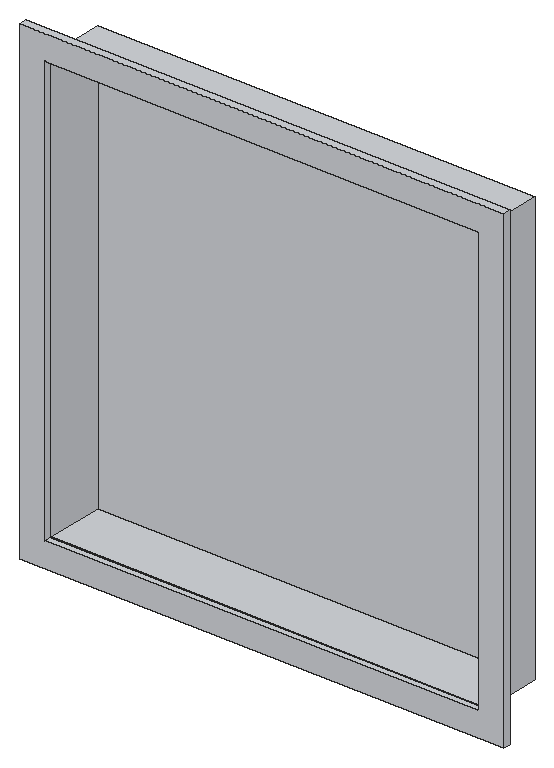
Revit family "Hager-FW-IP30-Without_Door-With_notch-leer-NoHosted-DE-de", category Electrical Equipment, Revit 2020
Family settings
  Panel Configuration = Two Columns, Circuits Across
  Round Connector Dimension = Use Diameter
  Part Type = Panelboard
  Work Plane-Based = Yes
  Always vertical = Yes
  Cut with Voids When Loaded = No
  Shared = No
  Room Calculation Point = No
Parameters (values of type "Unterputz IP30 B853 H853 T125 0 Teilungseinheiten - FWU53L")
  Width Control [instance] = if([HG000006 - Unterputz], if([EF000846 - Einbaubreite] > min_whd, [EF000846 - Einbaubreite], min_whd), if([EF000008 - Breite] > min_whd, ([EF000008 - Breite]), min_whd))  # 810 mm
  Void Depth [instance] = if([EF000218 - Einbautiefe] > 1 mm, [EF000218 - Einbautiefe], 1 mm)  # 112 mm
  Type Comments = [HG000003 - Bereich]  # "FW"
  System Height [instance] = Height Control - 2 * [HG000005 - Dicke]  # 796 mm
  Panel Name [instance] = ""  # (empty or 0)
  Offset [instance] = 0 mm
  Model = [HG000004 - Herstellerreferenz]  # "FWU53L"
  Level Offset [instance] = [Flush Mounted - Door Frame Width] + Offset  # 51 mm
  HG000017 - Distanz zwischen den Polen = 18 mm
  HG000016 - 3D-Türsichtbarkeit [instance] = yes
  HG000015 - Sichtbarkeit der Türöffnung [instance] = no
  HG000014 - Tür rechts [instance] = yes
  HG000013 - Tür links [instance] = not([HG000014 - Tür rechts])  # no
  HG000012 - Türschwenkwinkel [instance] = 45.00°
  HG000011 - Leere Reihen von unten = no
  HG000010 - Asymmetrische Türen = no
  HG000009 - Doppelflügeligen Tür = no
  HG000008 - Anzahl der leeren Reihen = 0
  HG000007 - Anzahl der leeren Spalten = 0
  HG000006 - Unterputz = yes
  HG000005 - Dicke = 3 mm  # constant formula
  HG000004 - Herstellerreferenz = "FWU53L"
  HG000003 - Bereich = "FW"
  HG000002 - Mit tür = no
  HG000001 - Anzahl der Spalten = 0
  EF015941 - Signaldurchlassende Tür = no
  EF015777 - Neutralleiterklemmenblock = no
  EF015776 - Erdungsklemmenblock = no
  EF009212 - Ausführung Deckel = "EV009916 - mit Ausschnitt"
  EF006306 - Mit Schloss = no
  EF006244 - Transparenter Deckel/Tür = yes
  EF005474 - Schutzart (IP) = "EV006410 - IP30"
  EF004462 - Art der Schließung = "EV000154 - sonstige"
  EF002950 - Breite in Teilungseinheiten = 0
  EF001596 - Werkstoff des Gehäuses = "EV000179 - Stahl"
  EF001134 - DIN-Schiene = yes
  EF001131 - Innentiefe = 112 mm
  EF001088 - Anbaumöglichkeit = yes
  EF001062 - EMV-Ausführung = no
  EF000846 - Einbaubreite = 810 mm
  EF000339 - Art der Abdeckung = "EV000494 - ohne"
  EF000332 - Einbauhöhe = 802 mm
  EF000266 - Anzahl der Reihen = 0
  EF000218 - Einbautiefe = 112 mm
  EF000118 - Mit Montageplatte = no
  EF000116 - RAL-Nummer = ""
  EF000049 - Tiefe = 125 mm
  EF000040 - Höhe = 853 mm
  EF000008 - Breite = 853 mm
  EF000007 - Farbe = "EV000202 - weiß"
  EF000003 - Montageart = "EV000128 - Hohlwand"
  Description = ""
  Default Elevation = 1219.2 mm
  Arrow Offset [instance] = Depth Control / 8  # 14 mm
  Arrow Height [instance] = Depth Control - Arrow Offset  # 98 mm
  Host Offset [instance] = if([HG000006 - Unterputz], 0 mm, [EF000049 - Tiefe])  # 0 mm
  min_whd [instance] = (2 * [HG000005 - Dicke]) + 1 mm  # 7 mm
  Manufacturer = "Hager"  # constant formula
  Height Control [instance] = if([HG000006 - Unterputz], if([EF000332 - Einbauhöhe] > min_whd, [EF000332 - Einbauhöhe], min_whd), if([EF000040 - Höhe] > min_whd, ([EF000040 - Höhe]), min_whd))  # 802 mm
  Flush Mounted - Door Frame Width [instance] = if(([EF000040 - Höhe] - [EF000332 - Einbauhöhe]) > 0 mm, if([HG000006 - Unterputz], [EF000040 - Höhe] - [EF000332 - Einbauhöhe], 0 mm), 0 mm)  # 51 mm
  Depth Control [instance] = if([HG000006 - Unterputz], if([EF000218 - Einbautiefe] > 0 mm, [EF000218 - Einbautiefe], 1 mm), if([EF000049 - Tiefe] > 0 mm, ([EF000049 - Tiefe]), 1 mm))  # 112 mm
Types (16, lengths in mm): name | Width Control | System Height | Model | HG000004 - Herstellerreferenz | EF000846 - Einbaubreite | EF000332 - Einbauhöhe | EF000040 - Höhe | EF000008 - Breite | Height Control
  Unterputz IP30 B353 H1003 T125 0 Teilungseinheiten - FWU61L | 310 | 946 | "FWU61L" | "FWU61L" | 310 | 952 | 1003 | 353 | 952
  Unterputz IP30 B353 H1153 T125 0 Teilungseinheiten - FWU71L | 310 | 1096 | "FWU71L" | "FWU71L" | 310 | 1102 | 1153 | 353 | 1102
  Unterputz IP30 B353 H1303 T125 0 Teilungseinheiten - FWU81L | 310 | 1246 | "FWU81L" | "FWU81L" | 310 | 1252 | 1303 | 353 | 1252
  Unterputz IP30 B353 H553 T125 0 Teilungseinheiten - FWU31L | 310 | 496 | "FWU31L" | "FWU31L" | 310 | 502 | 553 | 353 | 502
  Unterputz IP30 B353 H703 T125 0 Teilungseinheiten - FWU41L | 310 | 646 | "FWU41L" | "FWU41L" | 310 | 652 | 703 | 353 | 652
  Unterputz IP30 B353 H853 T125 0 Teilungseinheiten - FWU51L | 310 | 796 | "FWU51L" | "FWU51L" | 310 | 802 | 853 | 353 | 802
  Unterputz IP30 B603 H1003 T125 0 Teilungseinheiten - FWU62L | 560 | 946 | "FWU62L" | "FWU62L" | 560 | 952 | 1003 | 603 | 952
  Unterputz IP30 B603 H1153 T125 0 Teilungseinheiten - FWU72L | 560 | 1096 | "FWU72L" | "FWU72L" | 560 | 1102 | 1153 | 603 | 1102
  Unterputz IP30 B603 H553 T125 0 Teilungseinheiten - FWU32L | 560 | 496 | "FWU32L" | "FWU32L" | 560 | 502 | 553 | 603 | 502
  Unterputz IP30 B603 H703 T125 0 Teilungseinheiten - FWU42L | 560 | 646 | "FWU42L" | "FWU42L" | 560 | 652 | 703 | 603 | 652
  Unterputz IP30 B603 H853 T125 0 Teilungseinheiten - FWU52L | 560 | 796 | "FWU52L" | "FWU52L" | 560 | 802 | 853 | 603 | 802
  Unterputz IP30 B853 H1003 T125 0 Teilungseinheiten - FWU63L | 810 | 946 | "FWU63L" | "FWU63L" | 810 | 952 | 1003 | 853 | 952
  Unterputz IP30 B853 H1153 T125 0 Teilungseinheiten - FWU73L | 810 | 1096 | "FWU73L" | "FWU73L" | 810 | 1102 | 1153 | 853 | 1102
  Unterputz IP30 B853 H553 T125 0 Teilungseinheiten - FWU33L | 810 | 496 | "FWU33L" | "FWU33L" | 810 | 502 | 553 | 853 | 502
  Unterputz IP30 B853 H703 T125 0 Teilungseinheiten - FWU43L | 810 | 646 | "FWU43L" | "FWU43L" | 810 | 652 | 703 | 853 | 652
  Unterputz IP30 B853 H853 T125 0 Teilungseinheiten - FWU53L | 810 | 796 | "FWU53L" | "FWU53L" | 810 | 802 | 853 | 853 | 802
Reference planes
  plane 1 "Center (Front/Back)": y = 0
  plane 2: z = 0
  plane 3 "Center (Left/Right)": x = 0
  plane 4: y = 54
  plane 5: y = 112
  plane 6: y = 51
  plane 7: z = 0
  plane 8: x = -405
  plane 9: x = 405
  plane 10: x = 402
  plane 11: x = -402
  plane 12: z = 51
  plane 13: z = 54
  plane 14: y = 5
  plane 15: y = 0
  plane 16: y = 109
  plane 17: z = 850
  plane 18: z = 853
  plane 19: z = 452
  plane 20: x = 0
  plane 21: y = -100
Forms (mm)
  Extrusion 1, solid
    sketch origin (-208.679, -4572, 51) x (-1, 0, 0) y (0, -1, 0)
      loop
        line (196.321, -4572) -> (-613.679, -4572) -> (-613.679, -4684) -> (196.321, -4684) -> (196.321, -4572)
    from 0 to 802 <- "Height Control"
  Extrusion 2, void
    sketch origin (-350.771, 0, 1219.2) x (1, 0, 0) y (0, 0, 1)
      loop
        line (-51.229, -369.2) -> (-51.229, -1165.2) -> (752.771, -1165.2) -> (752.771, -369.2) -> (-51.229, -369.2)
    from 0 to -109
  Extrusion 3, solid, detail levels coarse+medium
    sketch origin (-350.771, 0, 1219.2) x (-1, 0, 0) y (0, 0, 1)
      loop
        line (51.229, -369.2) -> (-752.771, -369.2) -> (-752.771, -1165.2) -> (51.229, -1165.2) -> (51.229, -369.2)
    from 0 to 3 <- "HG000005 - Dicke"
Cuts and joins
  Extrusion 2 cuts Extrusion 1
Dimensions and locks
  "Flush Mounted - Door Frame Width": plane 1 "Center (Front/Back)" to plane 6
  "HG000005 - Dicke": plane 4 to plane 6
  "HG000005 - Dicke": plane 8 to plane 11
  "HG000005 - Dicke": plane 9 to plane 10
  equal spacing: plane 8, plane 3 "Center (Left/Right)", plane 9
  "Width Control": plane 8 to plane 9
  locked: plane 14 to plane 15 at 5
  "Host Offset": plane 1 "Center (Front/Back)" to plane 15
  "Depth Control": plane 5 to plane 15
  "HG000005 - Dicke": plane 5 to plane 16
  "HG000005 - Dicke": plane 13 to plane 12
  "Level Offset": plane 12 to level
  "HG000005 - Dicke": plane 18 to plane 17
  "Height Control": plane 18 to plane 12
  "Arrow Offset": plane 5 to nested 4
  equal spacing: plane 18, plane 19, plane 12
  locked: connector elem to plane 19
  locked: connector elem to plane 3 "Center (Left/Right)"
  aligned and locked: nested 1 to plane 14
  aligned and locked: plane 3 "Center (Left/Right)" to nested 1
  aligned and locked: plane 3 "Center (Left/Right)" to nested 2
  aligned and locked: nested 2 to plane 15
  aligned and locked: Extrusion 1 to plane 5
  aligned and locked: Extrusion 3 sketch curve to plane 17
  aligned and locked: Extrusion 3 sketch curve to plane 11
  aligned and locked: Extrusion 3 sketch curve to plane 13
  aligned and locked: Extrusion 3 sketch curve to plane 10
  aligned and locked: Extrusion 2 sketch curve to plane 13
  aligned and locked: Extrusion 2 sketch curve to plane 10
  aligned and locked: Extrusion 2 sketch curve to plane 17
  aligned and locked: Extrusion 2 sketch curve to plane 11
  aligned and locked: Extrusion 2 to plane 16
  aligned and locked: Extrusion 1 sketch curve to plane 5
  aligned and locked: plane 9 to Extrusion 1 sketch curve
  aligned and locked: plane 8 to Extrusion 1 sketch curve
  aligned and locked: plane 8 to nested 4
  aligned and locked: plane 8 to nested 3
  aligned and locked: nested 3 to plane 5
  aligned and locked: Extrusion 1 sketch curve to plane 15
  aligned and locked: Extrusion 2 to plane 15
Nested families
  nested 1: "Hager_Enclosure_System" at (0, 5, 54), Flush_Mounted <- "HG000006 - Unterputz", Width <- "EF000008 - Breite", Height <- "System Height", Width_Control <- "Width Control", Row_Module_Multiplicator <- "EF002950 - Breite in Teilungseinheiten", Empty_Columns <- "HG000007 - Anzahl der leeren Spalten", Built-in_Width <- "EF000846 - Einbaubreite", Border <- "HG000005 - Dicke", Total_No_Empty_Rows <- "HG000008 - Anzahl der leeren Reihen", Depth <- "HG000005 - Dicke", Empty_Rows_From_Bottom <- "HG000011 - Leere Reihen von unten", Distance_Between_Poles <- "HG000017 - Distanz zwischen den Polen", Rows_Count <- "EF000266 - Anzahl der Reihen", Columns_Count <- "HG000001 - Anzahl der Spalten", type "Hager_Enclosure_System", detail levels medium+fine
    with Width_Control 810 mm, Width 853 mm, Total_No_Rows 0, Total_No_Empty_Rows 0, Total_No_Columns 1, System_Width 804 mm, Rows_Count 0, Rows_Column 0, Row_Module_Multiplicator 0, Panel_4 no, Panel_3 no, Panel_2 no, Panel_1 no, No_Panels_Ctrl 1, Hide_Columns yes, Height 796 mm, Flush_Mounted yes, Empty_Rows_From_Bottom no, Empty_Rows_Column 0, Empty_Columns 0, Distance_Between_Poles 18 mm, Depth 3 mm, Columns_Count 0, Column_Width 804 mm, Built-in_Width 810 mm, Border 3 mm
  nested 2: "Hager_Enclosure_Door" at (0, 0, 51), Double <- "HG000009 - Doppelflügeligen Tür", Height_Ctrl <- "Height Control", Transparent <- "EF006244 - Transparenter Deckel/Tür", Depth <- "EF000049 - Tiefe", Height <- "EF000040 - Höhe", Angle <- "HG000012 - Türschwenkwinkel", Door_Right <- "HG000014 - Tür rechts", Assymetrical <- "HG000010 - Asymmetrische Türen", Flush_Mounted <- "HG000006 - Unterputz", BuiltIn_Depth <- "EF000218 - Einbautiefe", BuiltIn_Width <- "EF000846 - Einbaubreite", Door <- "HG000002 - Mit tür", Width_Ctrl <- "Width Control", 3d_Door <- "HG000016 - 3D-Türsichtbarkeit", Width <- "EF000008 - Breite", Border <- "HG000005 - Dicke", BuiltIn_Height <- "EF000332 - Einbauhöhe", Clearance <- "HG000015 - Sichtbarkeit der Türöffnung", Door_Left <- "HG000013 - Tür links", type "Hager_Enclosure_Door", detail levels medium+fine
    with min_wh 7 mm, Width_Ctrl 810 mm, Width 853 mm, Transparent_Door_No_Bottom_Border no, Transparent yes, Leaf_Width 801 mm, Leaf_Tolerance 1.5 mm, Leaf_Height 793 mm, Leaf_2_Width 801 mm, Leaf_2_Offset 400.5 mm, Leaf_1_Width 801 mm, Leaf_1_Offset 400.5 mm, Height_Ctrl 802 mm, Height 853 mm, Frame_Width_Ctrl 43 mm, Frame_Width 43 mm, Frame_Internal_Offset 3 mm, Frame_Height_Ctrl 51 mm, Frame_Height 51 mm, Frame_Depth_Ctrl 13 mm, Frame_Depth 13 mm, Flush_Mounted yes, Double_Clearance_Ctrl no, Double no, Door_Right_Ctrl no, Door_Right yes, Door_Left_Ctrl no, Door_Left no, Door no, Depth 125 mm, Clearance_Depth 801 mm, Clearance_Ctrl no, Clearance no, BuiltIn_Width 810 mm, BuiltIn_Height 802 mm, BuiltIn_Depth 112 mm, Border 3 mm, Assymetrical no, Angle 45.00°, 3d_Door yes
  nested 3: "Hager_Enclosure_Symbol_Triangle" at (-405, 112, 0), Depth <- "Depth Control", Width <- "Width Control", type "Hager_Enclosure_Symbol_Triangle"
    with Width_Ctrl 810 mm, Width 810 mm, Depth_Ctrl 112 mm, Depth 112 mm
  nested 4: "Hager_Enclosure_Symbol_Arrow" at (-405, 98, 0), Height <- "Arrow Height", type "Hager_Enclosure_Symbol_Arrow"
    with Width_Inside 7.35 mm, Width 88.2 mm, Height_Ctrl 98 mm, Height 98 mm
Connectors
  electrical at (0, 112, 452)
    settings: on plane 5, index 1, voltage 0 V, apparent load 0 VA, apparent load phase1 0 VA, apparent load phase2 0 VA, apparent load phase3 0 VA, power factor 1, load classification "Other", number of poles 1, system type 30, power factor state 1, is connector primary yes, connector utility no, sub classification motor no, connector description ""
Definition of nested family "Hager_Enclosure_Door"
  Parameters (values of type "Hager_Enclosure_Door")
    min_wh [instance] = (2 * Border) + 1 mm  # 11 mm
    Width_Ctrl [instance] = 400 mm
    Width [instance] = 500 mm
    Transparent_Door_No_Bottom_Border [instance] = no
    Transparent [instance] = yes
    Leaf_Width [instance] = if((Width_Ctrl - 2 * Border - 2 * Leaf_Tolerance) > 0 mm, (Width_Ctrl - 2 * Border - 2 * Leaf_Tolerance), min_wh)  # 387 mm
    Leaf_Tolerance [instance] = 1.5 mm  # constant formula
    Leaf_Height [instance] = if((Height_Ctrl - 2 * Border - 2 * Leaf_Tolerance) > 0 mm, (Height_Ctrl - 2 * Border - 2 * Leaf_Tolerance), min_wh)  # 387 mm
    Leaf_2_Width [instance] = if(and(and(Double, Assymetrical), Door_Left), (Leaf_Width / 3) - (Leaf_Tolerance / 2), if(and(and(Double, Assymetrical), Door_Right), (Leaf_Width / 3) * 2 - (Leaf_Tolerance / 2), if(and(Double, not(Assymetrical)), (Leaf_Width / 2) - Leaf_Tolerance, Leaf_Width)))  # 387 mm
    Leaf_2_Offset [instance] = if(and(Double, Assymetrical), Leaf_2_Width / 2, if(and(Double, not(Assymetrical)), Leaf_Width / 4, Leaf_Width / 2))  # 193.5 mm
    Leaf_1_Width [instance] = if(and(and(Double, Assymetrical), Door_Right), (Leaf_Width / 3) - (Leaf_Tolerance / 2), if(and(and(Double, Assymetrical), Door_Left), (Width / 3) * 2 - (Leaf_Tolerance / 2), if(and(Double, not(Assymetrical)), (Leaf_Width / 2) - Leaf_Tolerance, Leaf_Width)))  # 387 mm
    Leaf_1_Offset [instance] = if(and(Double, Assymetrical), Leaf_1_Width / 2, if(and(Double, not(Assymetrical)), Leaf_Width / 4, Leaf_Width / 2))  # 193.5 mm
    Height_Ctrl [instance] = 400 mm
    Height [instance] = 500 mm
    Frame_Width_Ctrl [instance] = if(Frame_Width > 0 mm, Frame_Width, 1 mm)  # 1 mm
    Frame_Width [instance] = Width - BuiltIn_Width  # 0 mm
    Frame_Internal_Offset [instance] = if(Flush_Mounted, Border, 0 mm)  # 5 mm
    Frame_Height_Ctrl [instance] = if(Frame_Height > 0 mm, Frame_Height, 1 mm)  # 1 mm
    Frame_Height [instance] = Height - BuiltIn_Height  # 0 mm
    Frame_Depth_Ctrl [instance] = if(Frame_Depth > 0 mm, Frame_Depth, 1 mm)  # 1 mm
    Frame_Depth [instance] = if(Depth - BuiltIn_Depth > 0 mm, if(Flush_Mounted, Depth - BuiltIn_Depth, 0 mm), 0 mm)  # 0 mm
    Flush_Mounted [instance] = yes
    Double_Clearance_Ctrl [instance] = and(Double, Clearance)  # no
    Double [instance] = no
    Door_Right_Ctrl [instance] = and(or(Door_Right, Double), Door)  # yes
    Door_Right [instance] = yes
    Door_Left_Ctrl [instance] = and(or(Door_Left, Double), Door)  # no
    Door_Left [instance] = no
    Door [instance] = yes
    Depth [instance] = 500 mm
    Default Elevation = 1219.2 mm
    Clearance_Material = none
    Clearance_Depth [instance] = if(Leaf_1_Width > Leaf_2_Width, Leaf_1_Width, Leaf_2_Width)  # 387 mm
    Clearance_Ctrl [instance] = and(not(Double), Clearance)  # yes
    Clearance [instance] = yes
    BuiltIn_Width [instance] = 500 mm
    BuiltIn_Height [instance] = 500 mm
    BuiltIn_Depth [instance] = 500 mm
    Border [instance] = 5 mm
    Assymetrical [instance] = yes
    Angle [instance] = 30.00°
    3d_Door [instance] = yes
  Reference planes
    plane 1 "Center (Front/Back)": y = 0
    plane 2 "Bottom": z = 0
    plane 3 "Center (Left/Right)": x = 0
    plane 4: z = 400
    plane 5: x = -200
    plane 6: x = 200
    plane 7: z = 395
    plane 8: x = -195
    plane 9: z = 5
    plane 10: x = 195
    plane 11: y = 0
    plane 12: z = 6.5
    plane 13: x = -582
    plane 14: y = -387
    plane 15: x = 582
    plane 16: x = 0
    plane 17: x = 0
    plane 18: x = -193.5
    plane 19: x = 193.5
    plane 20: z = 393.5
  Forms (mm)
    Extrusion 1, solid, visible <- "Flush_Mounted"
      sketch origin (0, 0, 0) x (1, 0, 0) y (0, 0, 1)
        loop
          line (195, 5) -> (195, 395) -> (-195, 395) -> (-195, 5) -> (195, 5)
        loop
          line (-201, 401) -> (-201, -1) -> (201, -1) -> (201, 401) -> (-201, 401)
      from 0 to 1 <- "Frame_Depth_Ctrl"
    Extrusion 2, solid, material <- "Clearance_Material", visible <- "Double_Clearance_Ctrl"
      sketch origin (1200, 0, 0) x (1, 0, 0) y (0, 0, -1)
        loop
          line (-1782, -393.5) -> (-618, -393.5) -> (-618, 0) -> (-1782, 0) -> (-1782, -393.5)
      from 0 to -387
  Dimensions and locks
    equal spacing: plane 5, plane 3 "Center (Left/Right)", plane 6
    "Width_Ctrl": plane 5 to plane 6
    "Border": plane 5 to plane 8
    "Border": plane 6 to plane 10
    "Border": plane 9 to level
    "Border": plane 4 to plane 7
    "Height_Ctrl": plane 4 to level
    "Leaf_Tolerance": plane 12 to plane 9
    "Frame_Depth": plane 11 to plane 1 "Center (Front/Back)"
    "Frame_Width_Ctrl": plane 5 to Extrusion 1 sketch curve
    "Frame_Width_Ctrl": plane 6 to Extrusion 1 sketch curve
    "Frame_Width_Ctrl": Extrusion 1 sketch curve to plane 4
    "Frame_Width_Ctrl": plane 2 "Bottom" to Extrusion 1 sketch curve
    "Leaf_1_Offset": plane 18 to plane 16
    "Leaf_2_Offset": plane 17 to plane 19
    "Leaf_1_Width": plane 13 to plane 8
    "Leaf_2_Width": plane 10 to plane 15
    "Clearance_Depth": plane 14 to plane 1 "Center (Front/Back)"
    "Leaf_Tolerance": plane 8 to plane 18
    "Leaf_Tolerance": plane 19 to plane 10
    "Leaf_Tolerance": plane 7 to plane 20
    "Frame_Internal_Offset": plane 5 to Extrusion 1 sketch curve
    "Frame_Internal_Offset": Extrusion 1 sketch curve to plane 2 "Bottom"
    "Frame_Internal_Offset": plane 6 to Extrusion 1 sketch curve
    "Frame_Internal_Offset": plane 4 to Extrusion 1 sketch curve
    aligned and locked: level to plane 2 "Bottom"
    aligned and locked: nested 1 to plane 16
    aligned and locked: nested 2 to plane 17
    aligned and locked: Extrusion 2 to plane 13
    aligned and locked: plane 15 to Extrusion 2
    aligned and locked: Extrusion 2 to plane 14
    aligned and locked: plane 12 to nested 1
    aligned and locked: nested 2 to plane 12
    aligned and locked: Extrusion 2 to plane 11
    aligned and locked: plane 20 to Extrusion 2
    aligned and locked: nested 2 to plane 11
    aligned and locked: nested 1 to plane 11
  Automatic sketch dimensions
    Extrusion 2 sketch curve to level = 0 mm
    plane 5 to Extrusion 2 sketch curve = 382 mm
    plane 6 to Extrusion 2 sketch curve = 382 mm
    Extrusion 2 sketch curve to plane 4 = 6.5 mm
  Nested families
    nested 1: "Hager_Enclosure_Door_Leaf" at (0, 0, 6.5), Width <- "Leaf_1_Width", visible <- "Door_Left_Ctrl", Leaf_Height <- "Leaf_Height", Angle <- "Angle", Depth <- "Border", 3d_Door <- "3d_Door", Transparent <- "Transparent", Clearance Material <- "Clearance_Material", Clearance <- "Clearance_Ctrl", Transparent_Door_No_Bottom_Border <- "Transparent_Door_No_Bottom_Border", type "Hager_Enclosure_Door_Leaf"
      with Width 387 mm, Transparent_Door_No_Bottom_Border no, Transparent_Door_Border_Bottom_Top 25 mm, Transparent_Door_Border 25 mm, Transparent_Ctrl yes, Transparent yes, Standard no, Leaf_Height 387 mm, Glass_Offset 1 mm, Depth 5 mm, Clearance Material none, Clearance yes, Angle_Ctrl 30.00°, Angle 30.00°, 3d_Door yes
    nested 2: "Hager_Enclosure_Door_Leaf" at (0, 0, 6.5) x (-1, 0, 0) z (0, 0, 1), Width <- "Leaf_2_Width", visible <- "Door_Right_Ctrl", Leaf_Height <- "Leaf_Height", Angle <- "Angle", Depth <- "Border", 3d_Door <- "3d_Door", Transparent <- "Transparent", Clearance Material <- "Clearance_Material", Clearance <- "Clearance_Ctrl", Transparent_Door_No_Bottom_Border <- "Transparent_Door_No_Bottom_Border", type "Hager_Enclosure_Door_Leaf"
      with Width 387 mm, Transparent_Door_No_Bottom_Border no, Transparent_Door_Border_Bottom_Top 25 mm, Transparent_Door_Border 25 mm, Transparent_Ctrl yes, Transparent yes, Standard no, Leaf_Height 387 mm, Glass_Offset 1 mm, Depth 5 mm, Clearance Material none, Clearance yes, Angle_Ctrl 30.00°, Angle 30.00°, 3d_Door yes
  Definition of nested family "Hager_Enclosure_Door_Leaf"
    Parameters (values of type "Hager_Enclosure_Door_Leaf")
      Width [instance] = 2000 mm
      Transparent_Door_No_Bottom_Border [instance] = yes
      Transparent_Door_Border_Bottom_Top [instance] = if(Transparent_Door_No_Bottom_Border, 0.1 mm, Transparent_Door_Border)  # 0.1 mm
      Transparent_Door_Border [instance] = if(Transparent_Door_No_Bottom_Border, (Width * 0.12), 25 mm)  # 240 mm
      Transparent_Ctrl [instance] = and(Transparent, [3d_Door])  # yes
      Transparent [instance] = yes
      Standard [instance] = and(not(Transparent), [3d_Door])  # no
      Leaf_Height [instance] = 2720.336 mm
      Glass_Offset [instance] = if((Depth - 10 mm) / 2 > 0 mm, (Depth - 10 mm) / 2, 1 mm)  # 15 mm
      Glass_Material = none
      Depth [instance] = 40 mm
      Default Elevation = 0 mm
      Clearance Material [instance] = none
      Clearance [instance] = yes
      Angle_Ctrl [instance] = if(Angle > 170.00°, 170.00°, Angle)  # 45.00°
      Angle [instance] = 45.00°
      3d_Door [instance] = yes
    Reference planes
      plane 1 "Center (Front/Back)": y = 0
      plane 2: z = 0
      plane 3 "Center (Left/Right)": x = 0
      plane 4: y = 2000
      plane 5: x = -1000
      plane 6: x = 1000
      plane 7: x = -3000
      plane 8: z = 2720.336
      plane 9: z = 0.1
      plane 10: z = 2720.236
      plane 11: x = 760
      plane 12: x = -760
    Forms (mm)
      Extrusion 1, solid, material <- "Clearance Material", visible <- "Clearance"
        sketch origin (0, 0, 0) x (1, 0, 0) y (0, 0, 1)
          loop
            line (-3000, 2720.336) -> (-3000, 0) -> (1000, 0) -> (1000, 2720.336) -> (-3000, 2720.336)
        from 0 to -2000
      Extrusion 2, solid, visible <- "Standard", detail levels medium+fine
        sketch origin (-1000, 0, 0) x (0.707107, 0.707107, 0) y (-0.707107, 0.707107, 0)
          loop
            line (0, -40) -> (2000, -40) -> (2000, 0) -> (0, 0) -> (0, -40)
        from 0 to 2720.336 <- "Leaf_Height"
      Extrusion 3, solid, visible <- "Transparent_Ctrl", detail levels medium+fine
        sketch origin (-1000, 0, 0) x (0.707107, 0.707107, 0) y (-0.707107, 0.707107, 0)
          loop
            line (0, -40) -> (2000, -40) -> (2000, 0) -> (0, 0) -> (0, -40)
        from 0 to 2720.336 <- "Leaf_Height"
      Extrusion 4, void, detail levels medium+fine
        sketch origin (-1000, 0, 0) x (-0.707107, 0.707107, 0) y (0.707107, 0.707107, 0)
          loop
            line (0, 240) -> (0, 1760) -> (-40, 1760) -> (-40, 240) -> (0, 240)
        from -2720.236 to -0.1
      Extrusion 5, solid, material <- "Glass_Material", visible <- "Transparent_Ctrl", detail levels medium+fine
        sketch origin (-1000, 0, 0) x (0.707107, 0.707107, 0) y (-0.707107, 0.707107, 0)
          loop
            line (240, -15) -> (240, -25) -> (1760, -25) -> (1760, -15) -> (240, -15)
        from 0.1 to 2720.236
    Cuts and joins
      Extrusion 4 cuts Extrusion 3
    Lines and regions (mm)
      symbolic lines
        curve 1: line (1000, 0, 0) -> (-3000, 0, 0)
        curve 2: arc (1000, 0, 0) -> (-1000, 2000, 0) -> (-3000, 0, 0) r 2000
        curve 4: line (-1000, 0, 0) -> (414.214, 1414.214, 0)
      reference lines
        curve 3: line (-1000, 0, 0) -> (414.214, 1414.214, 0)
      symbolic lines, detail levels medium+fine
        curve 5: line (414.214, 1414.214, 0) -> (442.498, 1385.929, 0)
        curve 6: line (442.498, 1385.929, 0) -> (-971.716, -28.284, 0)
        curve 7: line (-971.716, -28.284, 0) -> (-1000, 0, 0)
        curve 8: line (-1000, 0, 2720.336) -> (1000, 0, 2720.336)
        curve 9: line (-1000, 0, 0) -> (-1000, 0, 2720.336)
        curve 10: line (1000, 0, 0) -> (-1000, 0, 0)
        curve 11: line (1000, 0, 2720.336) -> (1000, 0, 0)
      symbolic lines, visible <- "Transparent_Ctrl", detail levels medium+fine
        curve 12: line (-760, 0, 2720.236) -> (760, 0, 2720.236)
        curve 13: line (-760, 0, 0.1) -> (-760, 0, 2720.236)
        curve 14: line (760, 0, 0.1) -> (-760, 0, 0.1)
        curve 15: line (760, 0, 2720.236) -> (760, 0, 0.1)
    Dimensions and locks
      "Width": plane 1 "Center (Front/Back)" to plane 4
      equal spacing: plane 5, plane 3 "Center (Left/Right)", plane 6
      "Width": plane 5 to plane 6
      "Width": plane 7 to plane 5
      "Leaf_Height": plane 8 to level
      "Depth": curve 6 to curve 3
      "Width": curve 5 to curve 3
      "Width": curve 3 to curve 3
      "Transparent_Door_Border": Extrusion 4 sketch curve to curve 7
      "Transparent_Door_Border": Extrusion 4 sketch curve to curve 5
      "Transparent_Door_Border_Bottom_Top": plane 8 to plane 10
      "Transparent_Door_Border_Bottom_Top": plane 9 to level
      "Glass_Offset": Extrusion 5 sketch curve to curve 4
      "Glass_Offset": Extrusion 5 sketch curve to curve 6
      "Transparent_Door_Border": Extrusion 5 sketch curve to curve 5
      "Transparent_Door_Border": Extrusion 5 sketch curve to curve 7
      "Transparent_Door_Border": plane 12 to plane 5
      "Transparent_Door_Border": plane 6 to plane 11
      "Angle_Ctrl": angle plane 1 "Center (Front/Back)" to curve 3
      aligned and locked: level to plane 2
      aligned and locked: Extrusion 1 to curve 1
      aligned and locked: plane 6 to Extrusion 1
      aligned and locked: Extrusion 1 to plane 1 "Center (Front/Back)"
      aligned and locked: plane 4 to Extrusion 1
      aligned and locked: plane 8 to Extrusion 1
      aligned and locked: curve 4 to curve 3
      aligned and locked: Extrusion 2 sketch curve to curve 7
      aligned and locked: Extrusion 2 sketch curve to curve 6
      aligned and locked: Extrusion 2 sketch curve to curve 5
      aligned and locked: Extrusion 2 sketch curve to curve 3
      aligned and locked: curve 7 to Extrusion 3 sketch curve
      aligned and locked: Extrusion 3 sketch curve to curve 4
      aligned and locked: Extrusion 3 sketch curve to curve 6
      aligned and locked: Extrusion 3 sketch curve to curve 5
      aligned and locked: curve 4 to Extrusion 4 sketch curve
      aligned and locked: curve 6 to Extrusion 4 sketch curve
      aligned and locked: Extrusion 4 to plane 9
      aligned and locked: Extrusion 4 to plane 10
      aligned and locked: Extrusion 5 to plane 9
      aligned and locked: Extrusion 5 to plane 10
      aligned and locked: curve 8 to plane 8
      aligned and locked: plane 5 to curve 9
      aligned and locked: plane 2 to curve 10
      aligned and locked: curve 11 to plane 6
      aligned and locked: plane 10 to curve 12
      aligned and locked: plane 12 to curve 13
      aligned and locked: curve 14 to plane 9
      aligned and locked: plane 11 to curve 15
    Automatic sketch dimensions
      plane 1 "Center (Front/Back)" to curve 2 = 0 mm
      curve 2 to plane 5 = 0 mm
      Extrusion 1 sketch curve to level = 0 mm
      Extrusion 1 sketch curve to plane 7 = 0 mm
      Extrusion 1 sketch curve to plane 6 = 0 mm
      Extrusion 1 sketch curve to plane 8 = 0 mm
      plane 1 "Center (Front/Back)" to curve 3 = 0 mm
      curve 3 to plane 5 = 0 mm
      curve 7 to curve 3 = 0 mm
Definition of nested family "Hager_Enclosure_Symbol_Triangle"
  Parameters (values of type "Hager_Enclosure_Symbol_Triangle")
    Width_Ctrl [instance] = if(Width > 1 mm, Width, 1 mm)  # 498 mm
    Width [instance] = 498 mm
    Depth_Ctrl [instance] = if(Depth > 1 mm, Depth, 1 mm)  # 72 mm
    Depth [instance] = 72 mm
  Reference planes
    plane 1 "Centre (avant/arrière)": y = 0
    plane 2: z = 0
    plane 3 "Centre (gauche/droite)": x = 0
  Lines and regions (mm)
    Filled region 1, type "Solid_Black", in view "Niveau de réf."
      outline origin (0, 0, 0) x (1, 0, 0) y (0, 1, 0)
        loop
          line (0, 0) -> (498, 0) -> (498, 72) -> (0, 0)
    reference lines, in view "Niveau de réf."
      curve 1: line (-206.153, 72, 0) -> (1083.258, 72, 0)
      curve 2: line (498, 405.456, 0) -> (498, -517.619, 0)
  Dimensions and locks
    "Depth_Ctrl": plane 1 "Centre (avant/arrière)" to curve 1
    "Width_Ctrl": plane 3 "Centre (gauche/droite)" to curve 2
    aligned and locked: curve 1 to Filled region 1 sketch curve
    aligned and locked: Filled region 1 sketch curve to plane 1 "Centre (avant/arrière)"
    aligned and locked: curve 2 to Filled region 1 sketch curve
    aligned and locked: plane 3 "Centre (gauche/droite)" to Filled region 1 sketch curve
    aligned and locked: plane 1 "Centre (avant/arrière)" to Filled region 1 sketch curve
  Automatic sketch dimensions
    curve 1 to plane 3 "Centre (gauche/droite)" = 206.153 mm
    curve 2 to curve 1 = 585.258 mm
    plane 1 "Centre (avant/arrière)" to curve 2 = 517.619 mm
    curve 2 to plane 1 "Centre (avant/arrière)" = 405.456 mm
Definition of nested family "Hager_Enclosure_Symbol_Arrow"
  Parameters (values of type "Hager_Enclosure_Symbol_Arrow")
    Width_Inside [instance] = if(Width / 12 > 2 mm, Width / 12, 2 mm)  # 4.987 mm
    Width [instance] = if(Height_Ctrl * 0.9 > 2 mm, Height_Ctrl * 0.9, 2 mm)  # 59.85 mm
    Height_Ctrl [instance] = if(Height > 2 mm, Height, 2 mm)  # 66.5 mm
    Height [instance] = 66.5 mm
  Reference planes
    plane 1 "Centre (avant/arrière)": y = 0
    plane 2: z = 0
    plane 3 "Centre (gauche/droite)": x = 0
    plane 4: x = 59.85
    plane 5: y = 28.263
    plane 6: y = 38.238
    plane 7: y = 66.5
    plane 8: x = 29.925
    plane 9: y = 33.25
  Lines and regions (mm)
    Filled region 1, type "Solid_Black", in view "Niveau de réf."
      outline origin (0, 0, 0) x (1, 0, 0) y (0, 1, 0)
        loop
          line (59.85, 66.5) -> (37.929, 52.827) -> (51.846, 41.935) -> (59.85, 66.5)
    detail lines, in view "Niveau de réf."
      curve 1: line (0, 0, 0) -> (29.925, 38.238, 0)
      curve 2: line (29.925, 38.238, 0) -> (29.925, 28.263, 0)
      curve 3: line (29.925, 28.263, 0) -> (59.85, 66.5, 0)
  Dimensions and locks
    "Width": plane 3 "Centre (gauche/droite)" to plane 4
    "Height_Ctrl": plane 7 to plane 1 "Centre (avant/arrière)"
    equal spacing: plane 3 "Centre (gauche/droite)", plane 8, plane 4
    equal spacing: plane 7, plane 9, plane 1 "Centre (avant/arrière)"
    equal spacing: plane 6, plane 9, plane 5
    "Width_Inside": plane 6 to plane 9
    equal spacing: curve 3, Filled region 1 sketch curve, Filled region 1 sketch curve
    angle Filled region 1 sketch curve to curve 3 = 20.00°
    angle curve 3 to Filled region 1 sketch curve = 20.00°
    locked: curve 3 to Filled region 1 sketch curve (angle 90.00°)
  Automatic sketch dimensions
    plane 1 "Centre (avant/arrière)" to curve 1 = 0 mm
    curve 1 to plane 3 "Centre (gauche/droite)" = 0 mm
    curve 2 to plane 6 = 0 mm
    curve 3 to plane 8 = 0 mm
    curve 3 to plane 4 = 0 mm
    curve 2 to plane 5 = 0 mm
    curve 3 to plane 7 = 0 mm
    Filled region 1 sketch curve to plane 4 = 0 mm
    Filled region 1 sketch curve to plane 7 = 0 mm
